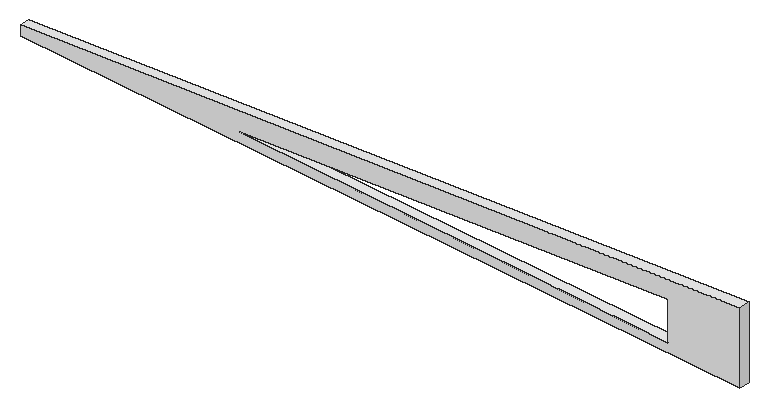
Revit family "Brise Soleil Arm", category 난간동자, Revit 2026
Family settings
  항상 수직 = 예
  로드될 때 보이드를 사용하여 절단 = 아니오
  공유 = 아니오
Parameters (values of type "2m Arm at 0degrees")
  built-in parameter 1008623 [instance] = (empty or 0)
  built-in parameter 1008625 [instance] = (empty or 0)
  Post = no
  Pitch = 0.00°
  built-in parameter 1008624 [instance] = (empty or 0)
  Blade Dp at Mounted End = 200 mm
  Blade Dp Ext Edge = 25 mm
  built-in parameter 1008622 [instance] = 750 mm
  Arm Thickness = 30 mm
  Arm Length = 2000 mm
Types (5, lengths in mm): name | Pitch | Arm Length
  (no name) | 0.00° | 2000
  2m Arm at 5degrees | 5.00° | 2000
  3m Arm at 5degrees | 5.00° | 3000
  3m Arm at 0degrees | 0.00° | 3000
  2m Arm at 0degrees | 0.00° | 2000
Reference planes
  plane 1 "Center (Front/Back)": y = 30.862
  plane 2: z = 0
  plane 3 "Center (Left/Right)": x = 0.898
  plane 4 "Top": z = 750
  plane 5 "Top of Post": z = 900
  plane 6: y = 2030.862
  plane 7: x = -1999.102
  plane 8: y = 15.862
  plane 9: y = 45.862
Forms (mm)
  Extrusion 1, solid, material "Metal - Steel"
    sketch origin (0, 30.862, 0) x (1, 0, 0) y (0, 0, 1)
      loop
        line (0.898, 0) -> (-1999.102, 0) -> (-1999.102, -25) -> (0.898, -200) -> (0.898, 0)
      loop
        line (-199.102, -50) -> (-1426.582, -50) -> (-199.102, -157.404) -> (-199.102, -50)
    from -15 to 15
Lines and regions (mm)
  symbolic lines, style "InvisibleLines"
    curve 1: line (0.898, 0, 0) -> (-1999.102, 0, 0)
Text (mm)
  text "Baluster Post Elevation" at (0, 664.106, 1100.357), in view "Left"
Dimensions and locks
  "built-in parameter 1008622": plane 2 to plane 4 "Top"
  "Arm Length": plane 7 to plane 3 "Center (Left/Right)"
  equal spacing: plane 8, plane 1 "Center (Front/Back)", plane 9
  "Arm Thickness": plane 8 to plane 9
  "Blade Dp Ext Edge": Extrusion 1 sketch curve to Extrusion 1 sketch curve
  "Blade Dp at Mounted End": level to Extrusion 1 sketch curve
  locked: plane 3 "Center (Left/Right)" to Extrusion 1 sketch curve at 200
  locked: Extrusion 1 sketch curve to Extrusion 1 sketch curve at 50
  locked: Extrusion 1 sketch curve to Extrusion 1 sketch curve at 25
  "Pitch": angle curve 1 to level
  aligned and locked: plane 3 "Center (Left/Right)" to curve 1
  aligned and locked: Extrusion 1 sketch curve to curve 1
  aligned and locked: Extrusion 1 sketch curve to plane 3 "Center (Left/Right)"
  aligned and locked: plane 7 to Extrusion 1 sketch curve
  aligned and locked: Extrusion 1 to plane 9
  aligned and locked: plane 8 to Extrusion 1
Automatic sketch dimensions
  curve 1 to plane 7 = 0 mm
  curve 1 to level = 0 mm
